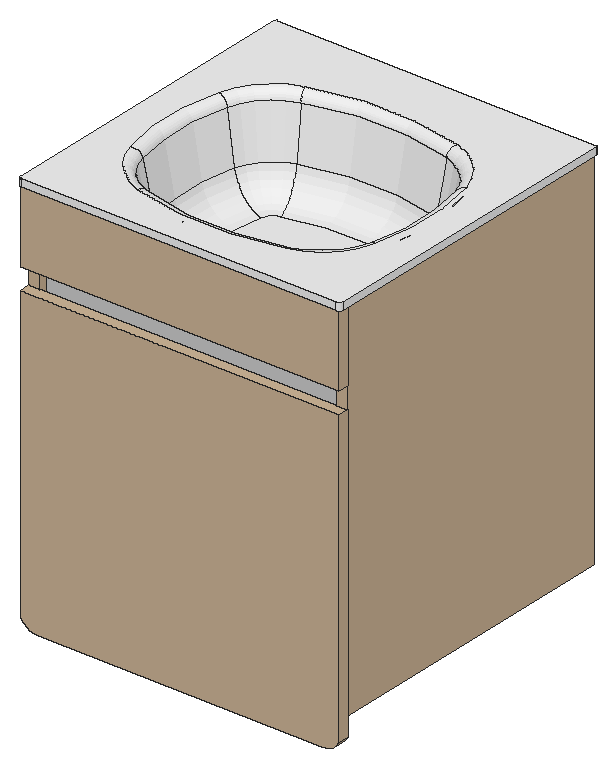
Revit family "614281711_Mueble Aluvia Miel Elevado 45x45 ", category Plumbing Fixtures, Revit 2019
Family settings
  Round Connector Dimension = Use Diameter
  Part Type = Normal
  OmniClass Number = 23.31.13.11
  OmniClass Title = Single Sinks
  Work Plane-Based = Yes
  Always vertical = Yes
  Cut with Voids When Loaded = No
  Shared = No
  Room Calculation Point = No
Parameters (values of type "Ref. 614281711 Mueble Aluvia Miel Con Lavamanos")
  Tiempo de Armado = "60 minutos"  # constant formula
  Resistencia al rayado = "700 ciclos"  # constant formula
  Resistencia a la humedad = "8%"  # constant formula
  Profundidad = 430 mm
  Pieza en U = Corona_Poliestrieno_Gris
  Peso Neto aprox = "22 lb (10 kg)."  # constant formula
  Peso Bruto aprox = "23,6 lb (10,37 kg)."  # constant formula
  Garantia Madera = "1 año"  # constant formula
  URL = "https://corona.co/productos/muebles-para-banos/mueble-aluvia-elevado/p/614281711"
  Dimensiones Generales (H * W * P) = "21,85” x 17,56” x 17,52” (555 x 446 x 445 mm)."  # constant formula
  Model = "Mueble aluvia miel LVM 45X45"  # constant formula
  Material Lavamanos = Corona_Cerámica_Sinterizada
  Manufacturer = "Corona"  # constant formula
  Material madera interior = Corona_Madera_Aglomerada_Plomo
  Material = Corona_Madera_Aglomerada_Miel
  Description = "La línea ALUVIA viene a entregar de manera asequible una solución perfecta que combina\r\ndiseño y funcionalidad, ALUVIA se inspira en el movimiento y caída del agua en la\r\nnaturaleza, es por ello de sus formas orgánicas donde podemos obtener un producto\r\ncompacto y de líneas fluidas, que se adapta en espacios pequeños.\r\nEl principal beneficio de los muebles de esta línea es ser un producto compacto que brinda\r\nal consumidor máxima capacidad de almacenamiento e ideal para espacios pequeños.\r\n· Mueble compacto para espacios pequeños.\r\n· Lavamanos 100% en porcelana.\r\n· Grán capacidad de almacenamiento.\r\n· Resistentes a la Humedad."  # constant formula
  Densidad = "15 mms 670 kg./m^3."  # constant formula
  Default Elevation = 1219.2 mm
  Date created = "08/07/2020"  # constant formula
  Created by = "IDD"  # constant formula
  Garantia Herrajes = "1 año"  # constant formula
  Carga máxima = "88,2 lb (40 kg)."  # constant formula
  Canto = "PVC rígido 2 mm de calibre."  # constant formula
  Patas = Corona_Acero
  Ancho = 445 mm
  Alto = 850 mm
Types (3, lengths in mm): name | Profundidad | URL | Material
  (no name) | 430 | "https://corona.co/productos/muebles-para-banos/mueble-aluvia-elevado/p/614281711" | Corona_Madera_Aglomerada_Miel
  Ref. 614281711 Mueble Aluvia Miel Con Lavamanos | 430 | "https://corona.co/productos/muebles-para-banos/mueble-aluvia-elevado/p/614281711" | Corona_Madera_Aglomerada_Miel
  Ref. 614286091 Mueble Aluvia Habano Con Lavamanos | 440 | 0 | Corona_Madera_Aglomerada_Habano
Reference planes
  plane 1 "Center (Front/Back)": y = 0
  plane 2: z = 0
  plane 3 "Center (Left/Right)": x = 0
  plane 4: x = -222.5
  plane 5: x = 222.5
  plane 6: y = -430
  plane 7: z = 719
  plane 8: z = 749
  plane 9: z = 850
  plane 10: y = -15
  plane 11: y = -445
  plane 12: x = 207.5
  plane 13: x = -207.5
  plane 14: z = 695.425
  plane 15: z = 295
  plane 16: x = -207.5
  plane 17: z = 798.425
  plane 18: z = 500
  plane 19: z = 351
  plane 20: z = 336
Forms (mm)
  Extrusion 1, solid, material "Corona_Madera_Aglomerada_Miel" <- "Material", detail levels medium+fine
    sketch origin (0, 0, 0) x (1, 0, 0) y (0, 1, 0)
      loop
        line (-222.5, 0) -> (-222.5, -430) -> (222.5, -430) -> (222.5, 0) -> (-222.5, 0)
    from 336 to 850
  Extrusion 2, void, detail levels medium+fine
    sketch origin (0, 0, 0) x (1, 0, 0) y (0, 1, 0)
      loop
        line (-207.5, 0) -> (-207.5, -430) -> (207.5, -430) -> (207.5, 0) -> (-207.5, 0)
    from 351 to 850
  Extrusion 3, solid, material "Corona_Madera_Aglomerada_Miel" <- "Material"
    sketch origin (0, 0, 0) x (1, 0, 0) y (0, 1, 0)
      loop
        line (222.5, -445) -> (222.5, -430) -> (-222.5, -430) -> (-222.5, -445) -> (222.5, -445)
    from 749 to 850
  Extrusion 4, solid, material "Corona_Madera_Aglomerada_Plomo" <- "Material madera interior"
    sketch origin (0, 20.2, 209.8) x (0, 1, 0) y (0, 0, 1)
      loop
        line (-440.2, 588.625) -> (-440.2, 485.625) -> (-425.2, 485.625) -> (-425.2, 588.625) -> (-440.2, 588.625)
    from -207.5 to 207.5
  Extrusion 5, solid, material "Corona_Madera_Aglomerada_Miel" <- "Material"
    sketch origin (0, 0, 0) x (1, 0, 0) y (0, 0, 1)
      loop
        line (222.5, 719) -> (-222.5, 719) -> (-222.5, 309)
        arc (-222.5, 309) -> (-211.779, 298.822) -> (-197.5, 295) r 30
        line (-197.5, 295) -> (197.5, 295)
        arc (197.5, 295) -> (211.779, 298.822) -> (222.5, 309) r 30
        line (222.5, 309) -> (222.5, 719)
    from 430 to 445
  Extrusion 6, solid, material "Corona_Madera_Aglomerada_Miel" <- "Material", detail levels coarse
    sketch origin (0, 0, 0) x (1, 0, 0) y (0, 1, 0)
      loop
        line (-222.5, -445) -> (222.5, -445) -> (222.5, 0) -> (-222.5, 0) -> (-222.5, -445)
    from 295 to 860
  Extrusion 7, solid, material "Corona_Madera_Aglomerada_Miel" <- "Material"
    sketch origin (0, 425.2, 261.375) x (0, 1, 0) y (0, 0, 1)
      loop
        line (-440.2, 588.625) -> (-440.2, 487.625) -> (-425.2, 487.625) -> (-425.2, 588.625) -> (-440.2, 588.625)
    from -207.5 to 207.5
Cuts and joins
  Extrusion 2 cuts Extrusion 1
Dimensions and locks
  equal spacing: plane 4, plane 3 "Center (Left/Right)", plane 5
  plane 11 to plane 1 "Center (Front/Back)" = 445 mm  (x2)
  "Ancho": plane 4 to plane 5
  plane 11 to plane 6 = 15 mm  (x2)
  plane 4 to plane 13 = 15 mm
  plane 9 to plane 8 = 101 mm  (x3)
  plane 8 to plane 7 = 30 mm  (x2)
  "Alto": plane 9 to level
  plane 4 to plane 5 = 445 mm
  plane 12 to plane 5 = 15 mm
  plane 1 "Center (Front/Back)" to plane 11 = 445 mm
  plane 12 to plane 13 = 415 mm
  plane 9 to level = 850 mm
  plane 7 to Extrusion 6 = 424 mm
  plane 7 to plane 15 = 424 mm
  plane 20 to plane 15 = 41 mm
  aligned and locked: level to plane 2
  aligned and locked: plane 1 "Center (Front/Back)" to Extrusion 1 sketch curve
  aligned and locked: Extrusion 1 sketch curve to plane 5
  aligned and locked: plane 6 to Extrusion 1 sketch curve
  aligned and locked: plane 4 to Extrusion 1 sketch curve
  aligned and locked: Extrusion 3 to cut or joined group of Extrusion 1, Extrusion 2
  aligned and locked: Extrusion 3 to plane 8
  aligned and locked: Extrusion 2 to plane 6
  aligned and locked: plane 13 to Extrusion 2
  aligned and locked: plane 12 to Extrusion 2
  aligned and locked: plane 11 to Extrusion 3
  aligned and locked: plane 9 to Extrusion 3
  aligned and locked: Extrusion 4 to plane 14
  aligned and locked: plane 17 to Extrusion 4
  aligned and locked: Extrusion 6 sketch curve to plane 4
  aligned and locked: plane 1 "Center (Front/Back)" to Extrusion 6 sketch curve
  aligned and locked: plane 11 to Extrusion 6 sketch curve
  aligned and locked: plane 5 to Extrusion 6 sketch curve
  aligned and locked: nested 1 to Extrusion 6
  aligned and locked: plane 9 to cut or joined group of Extrusion 1, Extrusion 2
  aligned and locked: cut or joined group of Extrusion 1, Extrusion 2 to Extrusion 4  (x2)
  aligned and locked: Extrusion 6 to Extrusion 5
  aligned and locked: Extrusion 6 to plane 15
  aligned and locked: Extrusion 5 to plane 7
  aligned and locked: Extrusion 1 to plane 20
  aligned and locked: Extrusion 2 to plane 19
Automatic sketch dimensions
  Extrusion 2 sketch curve to plane 6 = 0 mm
  Extrusion 2 sketch curve to plane 13 = 0 mm
  Extrusion 2 sketch curve to plane 12 = 0 mm
  plane 1 "Center (Front/Back)" to Extrusion 2 sketch curve = 0 mm
  Extrusion 3 sketch curve to plane 4 = 0 mm
  Extrusion 3 sketch curve to plane 5 = 0 mm
  plane 11 to Extrusion 3 sketch curve = 0 mm
  Extrusion 3 sketch curve to plane 6 = 0 mm
  Extrusion 4 sketch curve to plane 14 = 0 mm
  Extrusion 4 sketch curve to plane 17 = 0 mm
  plane 6 to Extrusion 4 sketch curve = 10 mm
  Extrusion 4 sketch curve to Extrusion 4 sketch curve = 15 mm
  Extrusion 5 sketch curve to plane 4 = 0 mm
  Extrusion 5 sketch curve to plane 15 = 0 mm
  Extrusion 5 sketch curve to plane 5 = 0 mm
  Extrusion 5 sketch curve to plane 13 = 10 mm
  Extrusion 5 sketch curve to plane 13 = 10.379 mm
  Extrusion 5 sketch curve to plane 12 = 10.379 mm
  Extrusion 5 sketch curve to plane 12 = 10 mm
  Extrusion 5 sketch curve to Extrusion 5 sketch curve = 14 mm  (x2)
  Extrusion 7 sketch curve to plane 10 = 0 mm
  Extrusion 7 sketch curve to plane 1 "Center (Front/Back)" = 0 mm
  Extrusion 7 sketch curve to plane 9 = 0 mm
  Extrusion 7 sketch curve to plane 8 = 0 mm
  plane 18 to Extrusion 5 sketch curve = 219 mm
Nested families
  nested 1: "Lavamanos_Aluvia" at (0, 3.157, 850), type "Lavamanos_Aluvia", detail levels medium+fine
  nested 2: "Family3" at (0, 0, 0) x (1, 0, 0) z (0, -1, 0), type "Family3"
  nested 3: "Family2" at (0, 0, 0) x (0, 1, 0) z (1, 0, 0), type "Family2"
  nested 4: "Family1" at (-24.5, -445, 0), type "Family1"
Definition of nested family "Lavamanos_Aluvia"
  Parameters (values of type "Lavamanos_Aluvia")
    Width = 450 mm
    Material Lavamanos = none
    Height = 122 mm
    Depth = 450 mm
    Date Created = "08/07/2020"  # constant formula
    Created by = "IDD"  # constant formula
  Reference planes
    plane 1 "Center (Front/Back)": y = 0
    plane 2: z = 0
    plane 3 "Center (Left/Right)": x = 0
    plane 4: y = -450
    plane 5: x = 225
    plane 6: x = -225
    plane 7: z = 10
    plane 8: z = -112
  Forms (mm)
    Extrusion 1, solid, material <- "Material Lavamanos"
      sketch origin (0, 0, 0) x (1, 0, 0) y (0, 1, 0)
        loop
          arc (-222.603, 0) -> (-224.013, -0.987) -> (-225, -2.397) r 4.953
          line (-225, -2.397) -> (-225, -443.917)
          arc (-225, -443.917) -> (-223.218, -448.218) -> (-218.917, -450) r 6.083
          line (-218.917, -450) -> (218.917, -450)
          arc (218.917, -450) -> (223.218, -448.218) -> (225, -443.917) r 6.083
          line (225, -443.917) -> (225, -2.397)
          arc (225, -2.397) -> (224.013, -0.987) -> (222.603, 0) r 4.953
          line (222.603, 0) -> (-222.603, 0)
        loop
          arc (-106.389, -388.635) -> (-1.549, -405.801) -> (103.665, -391.099) r 354.127
          arc (103.665, -391.099) -> (146.466, -365.335) -> (171.463, -322.081) r 100
          arc (171.463, -322.081) -> (182.378, -242.183) -> (171.463, -162.286) r 297.871
          arc (171.463, -162.286) -> (146.466, -119.032) -> (103.665, -93.267) r 100
          arc (103.665, -93.267) -> (-1.549, -78.565) -> (-106.389, -95.732) r 354.127
          arc (-106.389, -95.732) -> (-148.087, -121.977) -> (-172.191, -164.948) r 100
          arc (-172.191, -164.948) -> (-182.378, -242.183) -> (-172.191, -319.419) r 297.871
          arc (-172.191, -319.419) -> (-148.087, -362.39) -> (-106.389, -388.635) r 100
      from 0 to 10
    Sweep 2, solid, material <- "Material Lavamanos"
      path origin (0, 0, 10) x (1, 0, 0) y (0, 1, 0)
        loop
          arc (-106.389, -95.732) -> (-148.087, -121.977) -> (-172.191, -164.948) r 100
          arc (-172.191, -164.948) -> (-182.378, -242.183) -> (-172.191, -319.419) r 297.871
          arc (-172.191, -319.419) -> (-148.087, -362.39) -> (-106.389, -388.635) r 100
          arc (-106.389, -388.635) -> (-1.549, -405.801) -> (103.665, -391.099) r 354.127
          arc (103.665, -391.099) -> (146.466, -365.335) -> (171.463, -322.081) r 100
          arc (171.463, -322.081) -> (182.378, -242.183) -> (171.463, -162.286) r 297.871
          arc (171.463, -162.286) -> (146.466, -119.032) -> (103.665, -93.267) r 100
          arc (103.665, -93.267) -> (-1.549, -78.565) -> (-106.389, -95.732) r 354.127
      profile origin (-1.549, -78.565, 10) x (-0.011731, 0.999931, 0) y (0, 0, 1)
        loop
          line (-14.72, -12.118) -> (-28.327, -81.608)
          arc (-28.327, -81.608) -> (-45.617, -110.603) -> (-77.395, -122) r 50
          line (-77.395, -122) -> (-77.395, -132)
          arc (-77.395, -132) -> (-39.262, -118.324) -> (-18.513, -83.529) r 60
          line (-18.513, -83.529) -> (-4.907, -14.039)
          arc (-4.907, -14.039) -> (-3.178, -11.14) -> (0, -10) r 5
          line (0, -10) -> (0, 0)
          arc (0, 0) -> (-9.533, -3.419) -> (-14.72, -12.118) r 15
    Extrusion 3, solid, material <- "Material Lavamanos"
      sketch origin (0, 0, 0) x (1, 0, 0) y (0, 1, 0)
        loop
          arc (-82.568, -169.369) -> (-91.994, -175.302) -> (-97.443, -185.016) r 22.605
          arc (-97.443, -185.016) -> (-104.983, -242.183) -> (-97.443, -299.351) r 220.476
          arc (-97.443, -299.351) -> (-91.994, -309.064) -> (-82.568, -314.997) r 22.605
          arc (-82.568, -314.997) -> (-0.641, -328.412) -> (81.578, -316.923) r 276.732
          arc (81.578, -316.923) -> (91.253, -311.099) -> (96.904, -301.321) r 22.605
          arc (96.904, -301.321) -> (104.983, -242.183) -> (96.904, -183.045) r 220.476
          arc (96.904, -183.045) -> (91.253, -173.268) -> (81.578, -167.444) r 22.605
          arc (81.578, -167.444) -> (-0.641, -155.955) -> (-82.568, -169.369) r 276.732
      from -122 to -112
    Extrusion 4, void
      sketch origin (0, 0, 0) x (1, 0, 0) y (0, 1, 0)
        loop
          circle (0, -242.183) r 21.75
      from -167.798 to -32.448
    Extrusion 5, solid, material <- "Material Lavamanos"
      sketch origin (0, 0, 0) x (1, 0, 0) y (0, 1, 0)
        loop
          circle (0, -242.183) r 21.75
      from -129.568 to -122
  Cuts and joins
    Extrusion 4 cuts Extrusion 1
    Extrusion 4 cuts Sweep 2
    Extrusion 4 cuts Extrusion 3
    joined: Extrusion 1, Sweep 2, Extrusion 3
  Dimensions and locks
    equal spacing: plane 6, plane 3 "Center (Left/Right)", plane 5
    "Width": plane 6 to plane 5
    "Depth": plane 4 to plane 1 "Center (Front/Back)"
    level to plane 7 = 10 mm
    "Height": plane 8 to plane 7
    aligned and locked: level to plane 2
    aligned and locked: plane 1 "Center (Front/Back)" to Extrusion 1 sketch curve
    aligned and locked: plane 4 to Extrusion 1 sketch curve
    aligned and locked: Extrusion 1 sketch curve to plane 5
    aligned and locked: plane 6 to Extrusion 1 sketch curve
  Automatic sketch dimensions
    plane 6 to Extrusion 1 sketch curve = 2.397 mm
    plane 6 to Extrusion 1 sketch curve = 4.489 mm
    plane 6 to Extrusion 1 sketch curve = 6.083 mm
    plane 6 to Extrusion 1 sketch curve = 109.507 mm
    Extrusion 1 sketch curve to Extrusion 1 sketch curve = 39.882 mm
    Extrusion 1 sketch curve to plane 3 "Center (Left/Right)" = 75.611 mm
    plane 3 "Center (Left/Right)" to Extrusion 1 sketch curve = 2.605 mm  (x2)
    plane 3 "Center (Left/Right)" to Extrusion 1 sketch curve = 75.127 mm  (x2)
    Extrusion 1 sketch curve to Extrusion 1 sketch curve = 40.365 mm
    Extrusion 1 sketch curve to plane 5 = 6.083 mm
    Extrusion 1 sketch curve to plane 5 = 4.489 mm
    Extrusion 1 sketch curve to plane 5 = 2.397 mm
    plane 4 to Extrusion 1 sketch curve = 17.332 mm
    plane 4 to Extrusion 1 sketch curve = 154.742 mm
    Extrusion 1 sketch curve to Extrusion 1 sketch curve = 1.768 mm
    Extrusion 1 sketch curve to Extrusion 1 sketch curve = 53.075 mm  (x2)
    Extrusion 1 sketch curve to Extrusion 1 sketch curve = 51.306 mm  (x2)
    plane 1 "Center (Front/Back)" to Extrusion 1 sketch curve = 51.699 mm
    plane 1 "Center (Front/Back)" to Extrusion 1 sketch curve = 4.489 mm  (x2)
    plane 6 to Extrusion 1 sketch curve = 52.809 mm
    Extrusion 1 sketch curve to Extrusion 1 sketch curve = 0 mm  (x7)
    Sweep 2 sketch curve to Extrusion 1 = 95.732 mm
    Sweep 2 sketch curve to Extrusion 1 = 53.537 mm  (x2)
    Sweep 2 sketch curve to Extrusion 1 = 109.507 mm
    Sweep 2 sketch curve to Sweep 2 sketch curve = 0 mm  (x8)
    Sweep 2 sketch curve to Sweep 2 sketch curve = 96.336 mm
    Sweep 2 sketch curve to Sweep 2 sketch curve = 67.798 mm
    Sweep 2 sketch curve to Extrusion 1 = 51.699 mm
    Sweep 2 sketch curve to Sweep 2 sketch curve = 108.994 mm
    Sweep 2 sketch curve to Sweep 2 sketch curve = 39.882 mm
    Sweep 2 sketch curve to Extrusion 1 = 52.809 mm  (x2)
    Sweep 2 sketch curve to Sweep 2 sketch curve = 40.365 mm
    Sweep 2 sketch curve to profile plane = 0 mm
    profile plane to Sweep 2 sketch curve = 0 mm
    profile plane to Sweep 2 sketch curve = 4.907 mm
    Sweep 2 sketch curve to profile plane = 12.118 mm
    Sweep 2 sketch curve to Sweep 2 sketch curve = 9.814 mm  (x2)
    profile plane to Sweep 2 sketch curve = 18.513 mm
    Sweep 2 sketch curve to Sweep 2 sketch curve = 49.068 mm
    Sweep 2 sketch curve to profile plane = 72 mm
    Sweep 2 sketch curve to Sweep 2 sketch curve = 9.608 mm
    Sweep 2 sketch curve to Sweep 2 sketch curve = 1.922 mm
    Sweep 2 sketch curve to Sweep 2 sketch curve = 0.961 mm
    plane 3 "Center (Left/Right)" to Extrusion 3 sketch curve = 2.605 mm  (x2)
    plane 3 "Center (Left/Right)" to Extrusion 3 sketch curve = 75.127 mm
    plane 4 to Extrusion 3 sketch curve = 17.332 mm
    plane 1 "Center (Front/Back)" to Extrusion 3 sketch curve = 189.109 mm
    Extrusion 3 sketch curve to plane 3 "Center (Left/Right)" = 82.568 mm
    Extrusion 3 sketch curve to Extrusion 3 sketch curve = 6.451 mm
    Extrusion 3 sketch curve to Extrusion 3 sketch curve = 0 mm  (x7)
    Extrusion 3 sketch curve to Extrusion 3 sketch curve = 15.326 mm  (x2)
    Extrusion 3 sketch curve to Extrusion 3 sketch curve = 32.924 mm  (x2)
    plane 3 "Center (Left/Right)" to Extrusion 3 sketch curve = 96.904 mm
    Extrusion 3 sketch curve to Extrusion 3 sketch curve = 21.777 mm
    Extrusion 3 sketch curve to Extrusion 3 sketch curve = 6.957 mm
    Extrusion 3 sketch curve to Extrusion 3 sketch curve = 14.874 mm  (x2)
    Extrusion 3 sketch curve to Extrusion 3 sketch curve = 18.589 mm
    Extrusion 4 sketch curve to Extrusion 4 sketch curve = 0 mm  (x2)
    Extrusion 4 sketch curve to plane 3 "Center (Left/Right)" = 0 mm
    plane 4 to Extrusion 4 sketch curve = 207.817 mm
    Extrusion 4 sketch curve to plane 3 "Center (Left/Right)" = 21.75 mm
    Extrusion 5 sketch curve to Extrusion 5 sketch curve = 0 mm  (x2)
    Extrusion 5 sketch curve to plane 3 "Center (Left/Right)" = 0 mm
    plane 4 to Extrusion 5 sketch curve = 207.817 mm
    Extrusion 5 sketch curve to plane 3 "Center (Left/Right)" = 21.75 mm
    radius of Sweep 2 sketch curve to Extrusion 1 = 0 mm  (x2)
  Connectors
    piping at (0, -242.183, -129.568), diameter 350
      settings: on Extrusion 5, index 1, connector inside diameter 609.6 mm, connector length 0 mm, flow factor 0, pipe flow 0.0 L/s, pressure drop 0.0 Pa, fitting loss kfactor 0, connector angle 0.00°, fixture units 0, engagement length 0 mm, angle of deflection 0.00°, flow configuration 0, flow direction 0, fitting loss method 0, system type 7, joint type 0, gender type 0, connector reference index -1, connector utility 0, adjustable connector no, is connector primary yes, connector description ""
Definition of nested family "Family3"
  Reference planes
    plane 1 "Center (Front/Back)": y = 0
    plane 2: z = 0
    plane 3 "Center (Left/Right)": x = 0
  Lines and regions (mm)
    detail lines, in view "Ref. Level"
      curve 1: line (222.5, 749, 0) -> (-222.5, 749, 0)
      curve 2: line (-222.5, 850, 0) -> (-222.5, 315, 0)
      curve 3: line (-222.5, 719, 0) -> (222.5, 719, 0)
      curve 4: line (222.5, 850, 0) -> (222.5, 315, 0)
      curve 5: line (202.5, 295, 0) -> (-202.5, 295, 0)
      curve 6: line (-207.5, 749, 0) -> (-207.5, 719, 0)
      curve 7: line (207.5, 749, 0) -> (207.5, 719, 0)
      curve 8: arc (-222.5, 315, 0) -> (-215.005, 302.495, 0) -> (-202.5, 295, 0) r 30
      curve 9: arc (222.5, 315, 0) -> (215.005, 302.495, 0) -> (202.5, 295, 0) r 30
      curve 10: line (-222.5, 850, 0) -> (222.5, 850, 0)
Definition of nested family "Family2"
  Reference planes
    plane 1 "Center (Front/Back)": y = 0
    plane 2: z = 0
    plane 3 "Center (Left/Right)": x = 0
  Lines and regions (mm)
    detail lines, in view "Ref. Level"
      curve 1: line (-445, 850, 0) -> (0, 850, 0)
      curve 2: line (0, 850, 0) -> (0, 749, 0)
      curve 3: line (0, 749, 0) -> (0, 719, 0)
      curve 4: line (0, 719, 0) -> (0, 336, 0)
      curve 5: line (-430, 295, 0) -> (-445, 295, 0)
      curve 6: line (-430, 295, 0) -> (-430, 850, 0)
      curve 7: line (-445, 719, 0) -> (-430, 719, 0)
      curve 8: line (-445, 749, 0) -> (-430, 749, 0)
      curve 9: line (-445, 749, 0) -> (-445, 850, 0)
      curve 10: line (-445, 719, 0) -> (-445, 295, 0)
      curve 11: line (-430, 336, 0) -> (0, 336, 0)
      curve 12: line (-430, 351, 0) -> (0, 351, 0)
Definition of nested family "Family1"
  Reference planes
    plane 1 "Center (Front/Back)": y = 0
    plane 2: z = 0
    plane 3 "Center (Left/Right)": x = 0
  Lines and regions (mm)
    detail lines, in view "Ref. Level"
      curve 1: line (-198, 445, 0) -> (247, 445, 0)
      curve 2: line (247, 445, 0) -> (247, 0, 0)
      curve 3: line (247, 0, 0) -> (-198, 0, 0)
      curve 4: line (-198, 0, 0) -> (-198, 445, 0)
      curve 5: line (-183, 15, 0) -> (-183, 445, 0)
      curve 6: line (232, 445, 0) -> (232, 15, 0)
      curve 7: line (247, 15, 0) -> (-198, 15, 0)
      curve 8: line (232, 25, 0) -> (-183, 25, 0)
      curve 9: line (232, 40, 0) -> (-183, 40, 0)
      curve 10: line (232, 430, 0) -> (-183, 430, 0)
